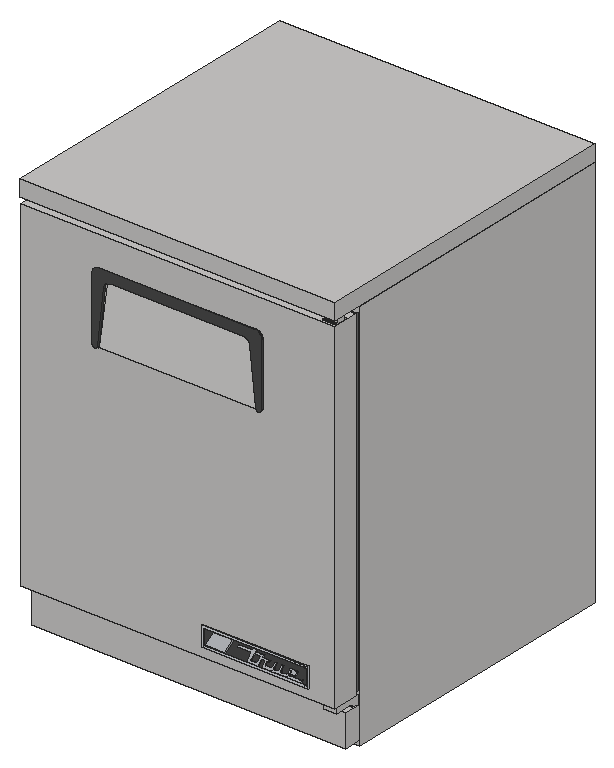
Revit family "QF_TRUE_TUC-24F-HC_cat", category Specialty Equipment, Revit 2016 (continued)
Automatic sketch dimensions
  Split face 68 sketch curve to Extrusion 12 = 0.69365"
  Split face 68 sketch curve to Extrusion 12 = 0.19365"
  Split face 68 sketch curve to Extrusion 12 = 5.25492"
  Split face 68 sketch curve to Split face 68 sketch curve = 1/2"
  Split face 69 sketch curve to Extrusion 12 = 0.19365"
  Split face 69 sketch curve to Extrusion 12 = 0.13121"
  Split face 69 sketch curve to Extrusion 12 = 6.62992"
  Split face 69 sketch curve to Split face 69 sketch curve = 1/2"
  Split face 70 sketch curve to Extrusion 12 = 0.31871"
  Split face 70 sketch curve to Split face 70 sketch curve = 1/2"  (x2)
  Split face 70 sketch curve to Extrusion 12 = 6.62992"
  Split face 71 sketch curve to Extrusion 12 = 1.00621"
  Split face 71 sketch curve to Split face 71 sketch curve = 1/2"  (x2)
  Split face 71 sketch curve to Extrusion 12 = 6.62992"
  Split face 72 sketch curve to Extrusion 12 = 0.69365"
  Split face 72 sketch curve to Extrusion 12 = 0.19365"
  Split face 72 sketch curve to Extrusion 12 = 6.62992"
  Split face 72 sketch curve to Split face 72 sketch curve = 1/2"
  Split face 73 sketch curve to Extrusion 12 = 0.19365"
  Split face 73 sketch curve to Extrusion 12 = 0.13121"
  Split face 73 sketch curve to Extrusion 12 = 8.00492"
  Split face 73 sketch curve to Split face 73 sketch curve = 1/2"
  Split face 74 sketch curve to Extrusion 12 = 0.31871"
  Split face 74 sketch curve to Split face 74 sketch curve = 1/2"  (x2)
  Split face 74 sketch curve to Extrusion 12 = 8.00492"
  Split face 75 sketch curve to Extrusion 12 = 1.00621"
  Split face 75 sketch curve to Split face 75 sketch curve = 1/2"  (x2)
  Split face 75 sketch curve to Extrusion 12 = 8.00492"
  Split face 76 sketch curve to Extrusion 12 = 0.69365"
  Split face 76 sketch curve to Extrusion 12 = 0.19365"
  Split face 76 sketch curve to Extrusion 12 = 8.00492"
  Split face 76 sketch curve to Split face 76 sketch curve = 1/2"
  Split face 77 sketch curve to Extrusion 12 = 0.19365"
  Split face 77 sketch curve to Extrusion 12 = 0.13121"
  Split face 77 sketch curve to Extrusion 12 = 9.37992"
  Split face 77 sketch curve to Split face 77 sketch curve = 1/2"
  Split face 78 sketch curve to Extrusion 12 = 0.31871"
  Split face 78 sketch curve to Split face 78 sketch curve = 1/2"  (x2)
  Split face 78 sketch curve to Extrusion 12 = 9.37992"
  Split face 79 sketch curve to Extrusion 12 = 1.00621"
  Split face 79 sketch curve to Split face 79 sketch curve = 1/2"  (x2)
  Split face 79 sketch curve to Extrusion 12 = 9.37992"
  Split face 80 sketch curve to Extrusion 12 = 0.69365"
  Split face 80 sketch curve to Extrusion 12 = 0.19365"
  Split face 80 sketch curve to Extrusion 12 = 9.37992"
  Split face 80 sketch curve to Split face 80 sketch curve = 1/2"
  Split face 81 sketch curve to Extrusion 12 = 0.19365"
  Split face 81 sketch curve to Extrusion 12 = 0.13121"
  Split face 81 sketch curve to Extrusion 12 = 10.75492"
  Split face 81 sketch curve to Split face 81 sketch curve = 1/2"
  Split face 82 sketch curve to Extrusion 12 = 0.31871"
  Split face 82 sketch curve to Split face 82 sketch curve = 1/2"  (x2)
  Split face 82 sketch curve to Extrusion 12 = 10.75492"
  Split face 83 sketch curve to Extrusion 12 = 1.00621"
  Split face 83 sketch curve to Split face 83 sketch curve = 1/2"  (x2)
  Split face 83 sketch curve to Extrusion 12 = 10.75492"
  Split face 84 sketch curve to Extrusion 12 = 0.69365"
  Split face 84 sketch curve to Extrusion 12 = 0.19365"
  Split face 84 sketch curve to Extrusion 12 = 10.75492"
  Split face 84 sketch curve to Split face 84 sketch curve = 1/2"
  Split face 85 sketch curve to Extrusion 12 = 0.19365"
  Split face 85 sketch curve to Extrusion 12 = 0.13121"
  Split face 85 sketch curve to Extrusion 12 = 9.90981"
  Split face 85 sketch curve to Split face 85 sketch curve = 1/2"
  Split face 86 sketch curve to Extrusion 12 = 0.31871"
  Split face 86 sketch curve to Split face 86 sketch curve = 1/2"  (x2)
  Split face 86 sketch curve to Extrusion 12 = 9.90981"
  Split face 87 sketch curve to Extrusion 12 = 1.00621"
  Split face 87 sketch curve to Split face 87 sketch curve = 1/2"  (x2)
  Split face 87 sketch curve to Extrusion 12 = 9.90981"
  Split face 88 sketch curve to Extrusion 12 = 0.69365"
  Split face 88 sketch curve to Extrusion 12 = 0.19365"
  Split face 88 sketch curve to Extrusion 12 = 9.90981"
  Split face 88 sketch curve to Split face 88 sketch curve = 1/2"
  Split face 89 sketch curve to Extrusion 12 = 0.19365"
  Split face 89 sketch curve to Extrusion 12 = 0.13121"
  Split face 89 sketch curve to Extrusion 12 = 8.53481"
  Split face 89 sketch curve to Split face 89 sketch curve = 1/2"
  Split face 90 sketch curve to Extrusion 12 = 0.31871"
  Split face 90 sketch curve to Split face 90 sketch curve = 1/2"  (x2)
  Split face 90 sketch curve to Extrusion 12 = 8.53481"
  Split face 91 sketch curve to Extrusion 12 = 1.00621"
  Split face 91 sketch curve to Split face 91 sketch curve = 1/2"  (x2)
  Split face 91 sketch curve to Extrusion 12 = 8.53481"
  Split face 92 sketch curve to Extrusion 12 = 0.69365"
  Split face 92 sketch curve to Extrusion 12 = 0.19365"
  Split face 92 sketch curve to Extrusion 12 = 8.53481"
  Split face 92 sketch curve to Split face 92 sketch curve = 1/2"
  Split face 93 sketch curve to Extrusion 12 = 0.19365"
  Split face 93 sketch curve to Extrusion 12 = 0.13121"
  Split face 93 sketch curve to Extrusion 12 = 7.15981"
  Split face 93 sketch curve to Split face 93 sketch curve = 1/2"
  Split face 94 sketch curve to Extrusion 12 = 0.31871"
  Split face 94 sketch curve to Split face 94 sketch curve = 1/2"  (x2)
  Split face 94 sketch curve to Extrusion 12 = 7.15981"
  Split face 95 sketch curve to Extrusion 12 = 1.00621"
  Split face 95 sketch curve to Split face 95 sketch curve = 1/2"  (x2)
  Split face 95 sketch curve to Extrusion 12 = 7.15981"
  Split face 96 sketch curve to Extrusion 12 = 0.69365"
  Split face 96 sketch curve to Extrusion 12 = 0.19365"
  Split face 96 sketch curve to Extrusion 12 = 7.15981"
  Split face 96 sketch curve to Split face 96 sketch curve = 1/2"
  Split face 97 sketch curve to Extrusion 12 = 0.19365"
  Split face 97 sketch curve to Extrusion 12 = 0.13121"
  Split face 97 sketch curve to Extrusion 12 = 5.78481"
  Split face 97 sketch curve to Split face 97 sketch curve = 1/2"
  Split face 98 sketch curve to Extrusion 12 = 0.31871"
  Split face 98 sketch curve to Split face 98 sketch curve = 1/2"  (x2)
  Split face 98 sketch curve to Extrusion 12 = 5.78481"
  Split face 99 sketch curve to Extrusion 12 = 1.00621"
  Split face 99 sketch curve to Split face 99 sketch curve = 1/2"  (x2)
  Split face 99 sketch curve to Extrusion 12 = 5.78481"
  Split face 100 sketch curve to Extrusion 12 = 0.69365"
  Split face 100 sketch curve to Extrusion 12 = 0.19365"
  Split face 100 sketch curve to Extrusion 12 = 5.78481"
  Split face 100 sketch curve to Split face 100 sketch curve = 1/2"
  Split face 101 sketch curve to Extrusion 12 = 0.19365"
  Split face 101 sketch curve to Extrusion 12 = 0.13121"
  Split face 101 sketch curve to Extrusion 12 = 4.40981"
  Split face 101 sketch curve to Split face 101 sketch curve = 1/2"
  Split face 102 sketch curve to Extrusion 12 = 0.31871"
  Split face 102 sketch curve to Split face 102 sketch curve = 1/2"  (x2)
  Split face 102 sketch curve to Extrusion 12 = 4.40981"
  Split face 103 sketch curve to Extrusion 12 = 1.00621"
  Split face 103 sketch curve to Split face 103 sketch curve = 1/2"  (x2)
  Split face 103 sketch curve to Extrusion 12 = 4.40981"
  Split face 104 sketch curve to Extrusion 12 = 0.69365"
  Split face 104 sketch curve to Extrusion 12 = 0.19365"
  Split face 104 sketch curve to Extrusion 12 = 4.40981"
  Split face 104 sketch curve to Split face 104 sketch curve = 1/2"
  Split face 105 sketch curve to Extrusion 12 = 0.19365"
  Split face 105 sketch curve to Extrusion 12 = 0.13121"
  Split face 105 sketch curve to Extrusion 12 = 3.03481"
  Split face 105 sketch curve to Split face 105 sketch curve = 1/2"
  Split face 106 sketch curve to Extrusion 12 = 0.31871"
  Split face 106 sketch curve to Split face 106 sketch curve = 1/2"  (x2)
  Split face 106 sketch curve to Extrusion 12 = 3.03481"
  Split face 107 sketch curve to Extrusion 12 = 1.00621"
  Split face 107 sketch curve to Split face 107 sketch curve = 1/2"  (x2)
  Split face 107 sketch curve to Extrusion 12 = 3.03481"
  Split face 108 sketch curve to Extrusion 12 = 0.69365"
  Split face 108 sketch curve to Extrusion 12 = 0.19365"
  Split face 108 sketch curve to Extrusion 12 = 3.03481"
  Split face 108 sketch curve to Split face 108 sketch curve = 1/2"
  Split face 109 sketch curve to Extrusion 12 = 0.19365"
  Split face 109 sketch curve to Extrusion 12 = 0.13121"
  Split face 109 sketch curve to Extrusion 12 = 1.65981"
  Split face 109 sketch curve to Split face 109 sketch curve = 1/2"
  Split face 110 sketch curve to Extrusion 12 = 0.31871"
  Split face 110 sketch curve to Split face 110 sketch curve = 1/2"  (x2)
  Split face 110 sketch curve to Extrusion 12 = 1.65981"
  Split face 111 sketch curve to Extrusion 12 = 1.00621"
  Split face 111 sketch curve to Split face 111 sketch curve = 1/2"  (x2)
  Split face 111 sketch curve to Extrusion 12 = 1.65981"
  Split face 112 sketch curve to Extrusion 12 = 0.69365"
  Split face 112 sketch curve to Extrusion 12 = 0.19365"
  Split face 112 sketch curve to Extrusion 12 = 1.65981"
  Split face 112 sketch curve to Split face 112 sketch curve = 1/2"
  Revolve 13 sketch curve to plane 10 = 0"
  plane 1 "BACK" to Revolve 13 sketch curve = 0"  (x2)
  plane 1 "BACK" to Revolve 13 sketch curve = 0.45325"
  plane 4 "RIGHT" to Revolve 13 sketch curve = 5.39021"
  Revolve 13 sketch curve to Revolve 13 sketch curve = 0"  (x2)
  Revolve 13 sketch curve to Revolve 13 sketch curve = 0.2111"
  Revolve 13 sketch curve to Revolve 13 sketch curve = 1/4"
  Revolve 14 sketch curve to plane 10 = 0"
  plane 1 "BACK" to Revolve 14 sketch curve = 0"  (x2)
  plane 1 "BACK" to Revolve 14 sketch curve = 0.45325"
  plane 3 "LEFT" to Revolve 14 sketch curve = 5.3902"
  Revolve 14 sketch curve to Revolve 14 sketch curve = 0"  (x2)
  Revolve 14 sketch curve to Revolve 14 sketch curve = 0.2111"
  Revolve 14 sketch curve to Revolve 14 sketch curve = 1/4"
  curve 1 to plane 3 "LEFT" = 0"
  plane 5 "FRONT" to curve 21 = 0"
  curve 9 to plane 10 = 0"
  plane 1 "BACK" to curve 7 = 0"
  plane 1 "BACK" to curve 14 = 0"
  curve 3 to plane 4 "RIGHT" = 0"
  plane 3 "LEFT" to curve 20 = 0.63048"
  plane 3 "LEFT" to curve 17 = 4.17575"
  plane 1 "BACK" to curve 9 = 0.45335"
  plane 3 "LEFT" to curve 9 = 4.89018"
  curve 9 to curve 7 = 0.28904"
  curve 6 to curve 8 = 0"
  curve 8 to curve 7 = 0.422"
  curve 8 to curve 5 = 0.49997"
  plane 1 "BACK" to curve 15 = 0.45325"
  plane 4 "RIGHT" to curve 15 = 5.89021"
  curve 14 to curve 13 = 0.2889"
  curve 14 to curve 12 = 0"
  curve 14 to curve 13 = 0.4222"
  curve 12 to curve 11 = 1/2"
  plane 4 "RIGHT" to curve 18 = 0.03644"
  plane 5 "FRONT" to curve 17 = 10.30952"
  curve 8 to curve 6 = 0.00007"
  plane 1 "BACK" to curve 11 = 0.45325"
  curve 19 to curve 21 = 1.24452"
  curve 9 to curve 10 = 0.00003"
  curve 5 to curve 10 = 0"
  curve 16 to curve 14 = 0"
  curve 11 to curve 16 = 0"  (x2)
  curve 17 to plane 4 "RIGHT" = 0.04099"
  curve 10 to curve 5 = 0.0001"
  curve 4 to plane 11 = 0"
  plane 11 to curve 18 = 1.49895"
  plane 11 to Extrusion 1 sketch curve = 2 3/8"
  plane 11 to Revolve 6 sketch curve = 2.66298"
  plane 11 to Revolve 7 sketch curve = 2.66298"
  Extrusion 8 sketch curve to plane 11 = 0"
  plane 11 to Extrusion 11 sketch curve = 0.249"
  plane 11 to Extrusion 11 sketch curve = 13/32"
  Extrusion 1 sketch curve to plane 11 = 0"
  Extrusion 1 sketch curve to plane 6 "TOP" = 2.3085"
  Extrusion 1 sketch curve to plane 6 "TOP" = 1.08975"
  curve 17 to plane 11 = 0"
  plane 12 to Extrusion 1 sketch curve = 0"
  Extrusion 9 sketch curve to Extrusion 1 = 2.04763"
  Extrusion 1 to Extrusion 15 sketch curve = 3/16"  (x2)
  Extrusion 1 to Extrusion 15 sketch curve = 0.49225"
  Extrusion 1 to Extrusion 15 sketch curve = 2.74225"
  Extrusion 1 to Extrusion 15 sketch curve = 2 7/16"  (x2)
  Extrusion 15 sketch curve to Extrusion 1 = 5.941"
  Extrusion 15 sketch curve to Extrusion 15 sketch curve = 2 1/4"
  Extrusion 17 sketch curve to Extrusion 10 = 5.46583"
  Extrusion 17 sketch curve to Extrusion 17 sketch curve = 0.24342"  (x2)
  Extrusion 17 sketch curve to Extrusion 17 sketch curve = 0.23868"  (x2)
  Extrusion 17 sketch curve to Extrusion 17 sketch curve = 1/2"
  Extrusion 17 sketch curve to Extrusion 17 sketch curve = 0.42112"  (x2)
  Extrusion 17 sketch curve to Extrusion 17 sketch curve = 0.49726"  (x2)
  Extrusion 17 sketch curve to Extrusion 10 = 6.88421"
  Extrusion 17 sketch curve to Extrusion 10 = 3.42408"
  Extrusion 17 sketch curve to Extrusion 17 sketch curve = 0.43901"
  Extrusion 17 sketch curve to Extrusion 17 sketch curve = 0.05226"  (x2)
  Extrusion 17 sketch curve to Extrusion 17 sketch curve = 4.01437"
  Extrusion 17 sketch curve to Extrusion 17 sketch curve = 4.06664"
  Extrusion 17 sketch curve to Extrusion 17 sketch curve = 0.70283"
  Extrusion 16 sketch curve to plane 14 = 0"
  Extrusion 16 sketch curve to plane 11 = 0"
  Extrusion 16 sketch curve to plane 15 = 0"
  Extrusion 16 sketch curve to Extrusion 16 sketch curve = 1.069"
  radius of Extrusion 9 sketch curve = 1/2"
Nested families (in)
  nested 1: "QF_LOGO_TRUE" at (13.9375, -25.75, 4.59725), Show Logo <- "Show Logo", type "QF_LOGO_TRUE", detail levels medium+fine
    with Show Logo yes
Connectors (in)
  electrical at (21.01061, -0.9375, 2.32888), driven by "Volts", driven by "Watts"
    settings: on Extrusion 9, index 1, voltage 115 V, apparent load 230 VA, apparent load phase1 0 VA, apparent load phase2 0 VA, apparent load phase3 0 VA, power factor 1, load classification "Other", number of poles 1, system type 30, power factor state 1, is connector primary yes, connector utility no, sub classification motor no, connector description "ELECTRICAL CONNECTION"
Definition of nested family "QF_LOGO_TRUE"
  Parameters (values of type "QF_LOGO_TRUE")
    Show Logo [instance] = yes
  Reference planes (in)
    plane 1 "Center (Front/Back)": y = 0
    plane 2: z = 0
    plane 3 "Center (Left/Right)": x = 0
  Forms (in)
    Extrusion 1, solid, visible <- "Show Logo"
      sketch origin (-78.34647, 34.76905, -30.51001) x (1, 0, 0) y (0, 0, 1)
        loop
          line (81.15226, 31.65456) -> (81.07353, 31.48573) -> (82.12083, 31.48573)
          arc (82.12083, 31.48573) -> (82.14208, 31.44814) -> (82.12083, 31.41055) r 0.04386
          line (82.12083, 31.41055) -> (81.84767, 30.82478)
          arc (81.84767, 30.82478) -> (81.84531, 30.77052) -> (81.882, 30.73048) r 0.07096
          line (81.882, 30.73048) -> (82.55165, 30.73048)
          arc (82.55165, 30.73048) -> (82.63621, 30.75714) -> (82.69019, 30.82748) r 0.14742
          line (82.69019, 30.82748) -> (82.90515, 31.28847) -> (83.10265, 31.28847)
          arc (83.10265, 31.28847) -> (83.15447, 31.26942) -> (83.14697, 31.21472) r 0.04405
          line (83.14697, 31.21472) -> (82.9671, 30.82899)
          arc (82.9671, 30.82899) -> (82.9699, 30.76493) -> (83.02398, 30.73048) r 0.06943
          line (83.02398, 30.73048) -> (83.6124, 30.73048)
          arc (83.6124, 30.73048) -> (83.65748, 30.74689) -> (83.68147, 30.78844) r 0.07014
          arc (83.68147, 30.78844) -> (83.69845, 30.74745) -> (83.73943, 30.73048) r 0.05796
          line (83.73943, 30.73048) -> (84.112, 30.73048)
          arc (84.112, 30.73048) -> (84.15504, 30.74201) -> (84.18655, 30.77352) r 0.08608
          arc (84.18655, 30.77352) -> (84.20164, 30.7371) -> (84.23806, 30.72202) r 0.0515
          line (84.23806, 30.72202) -> (84.76757, 30.72202)
          arc (84.76757, 30.72202) -> (84.81086, 30.73995) -> (84.8288, 30.78324) r 0.06122
          arc (84.8288, 30.78324) -> (84.86848, 30.74355) -> (84.92269, 30.72903) r 0.10842
          line (84.92269, 30.72903) -> (85.91461, 30.72903) -> (86.02479, 30.91987) -> (85.0243, 30.91987)
          arc (85.0243, 30.91987) -> (84.99669, 30.93902) -> (84.99566, 30.97261) r 0.03732
          line (84.99566, 30.97261) -> (85.01297, 31.00972)
          arc (85.01297, 31.00972) -> (85.03954, 31.04453) -> (85.0813, 31.05774) r 0.07263
          line (85.0813, 31.05774) -> (85.40289, 31.05774)
          arc (85.40289, 31.05774) -> (85.4723, 31.07633) -> (85.52311, 31.12715) r 0.13882
          line (85.52311, 31.12715) -> (85.61625, 31.28847)
          arc (85.61625, 31.28847) -> (85.61625, 31.37458) -> (85.54168, 31.41763) r 0.08611
          line (85.54168, 31.41763) -> (85.20227, 31.41763)
          arc (85.20227, 31.41763) -> (85.11574, 31.40294) -> (85.05538, 31.33923) r 0.13863
          line (85.05538, 31.33923) -> (84.89409, 30.99333)
          arc (84.89409, 30.99333) -> (84.84649, 30.9313) -> (84.77191, 30.90778) r 0.13002
          line (84.77191, 30.90778) -> (84.41984, 30.90778)
          arc (84.41984, 30.90778) -> (84.3777, 30.95378) -> (84.38042, 31.0161) r 0.08151
          line (84.38042, 31.0161) -> (84.56766, 31.41763) -> (84.44849, 31.41763) -> (84.25012, 30.99222)
          arc (84.25012, 30.99222) -> (84.21158, 30.94199) -> (84.15119, 30.92296) r 0.10527
          line (84.15119, 30.92296) -> (83.90842, 30.92296)
          arc (83.90842, 30.92296) -> (83.8674, 30.97642) -> (83.87619, 31.04323) r 0.08805
          line (83.87619, 31.04323) -> (84.05078, 31.41763) -> (83.92772, 31.41763) -> (83.72676, 30.98668)
          arc (83.72676, 30.98668) -> (83.68011, 30.94003) -> (83.61639, 30.92296) r 0.12745
          line (83.61639, 30.92296) -> (83.26484, 30.92296)
          arc (83.26484, 30.92296) -> (83.2017, 30.9524) -> (83.19563, 31.0218) r 0.06967
          line (83.19563, 31.0218) -> (83.31118, 31.26961) -> (83.47452, 31.26961)
          arc (83.47452, 31.26961) -> (83.50209, 31.35268) -> (83.56075, 31.41763) r 0.21289
          line (83.56075, 31.41763) -> (82.92244, 31.41763)
          arc (82.92244, 31.41763) -> (82.85151, 31.40191) -> (82.80242, 31.34834) r 0.12081
          line (82.80242, 31.34834) -> (82.6294, 30.9773)
          arc (82.6294, 30.9773) -> (82.58962, 30.93752) -> (82.53528, 30.92296) r 0.10869
          line (82.53528, 30.92296) -> (82.1542, 30.92296)
          arc (82.1542, 30.92296) -> (82.12446, 30.96315) -> (82.13012, 31.01283) r 0.06822
          line (82.13012, 31.01283) -> (82.38156, 31.48573) -> (83.01596, 31.48573) -> (83.09469, 31.65456) -> (82.46029, 31.65456) -> (82.53902, 31.8234) -> (82.31334, 31.8234) -> (82.23461, 31.65456) -> (81.15226, 31.65456)
        loop
          arc (85.15937, 31.26434) -> (85.13191, 31.25698) -> (85.1118, 31.23688) r 0.05494
          line (85.1118, 31.23688) -> (85.09547, 31.18665)
          arc (85.09547, 31.18665) -> (85.10304, 31.16837) -> (85.12133, 31.16079) r 0.02586
          line (85.12133, 31.16079) -> (85.39889, 31.16079)
          arc (85.39889, 31.16079) -> (85.41888, 31.16523) -> (85.43513, 31.1777) r 0.04731
          line (85.43513, 31.1777) -> (85.44863, 31.2402)
          arc (85.44863, 31.2402) -> (85.44466, 31.25693) -> (85.42914, 31.26434) r 0.01994
          line (85.42914, 31.26434) -> (85.15937, 31.26434)
        loop
          line (78.62961, 30.74125) -> (80.12032, 30.74125) -> (80.73891, 31.81268) -> (79.2482, 31.81268) -> (78.62961, 30.74125)
      from 34.76797 to 34.83173
    Extrusion 2, solid, visible <- "Show Logo"
      sketch origin (-142.84857, 34.75108, -33.3546) x (1, 0, 0) y (0, 0, 1)
        loop
          line (150.81107, 34.71978) -> (142.98607, 34.71978) -> (142.98607, 33.4921) -> (150.81107, 33.4921) -> (150.81107, 34.71978)
      from 34.75108 to 34.78125
    Extrusion 3, solid, visible <- "Show Logo"
      sketch origin (-142.84857, 34.75108, -33.3546) x (1, 0, 0) y (0, 0, 1)
        loop
          line (150.94857, 34.85727) -> (142.84857, 34.85727) -> (142.84857, 33.3546) -> (150.94857, 33.3546) -> (150.94857, 34.85727)
        loop
          line (142.98607, 34.71978) -> (142.98607, 33.4921) -> (150.81107, 33.4921) -> (150.81107, 34.71978) -> (142.98607, 34.71978)
      from 34.75108 to 34.81376
    Extrusion 4, solid, not visible
      sketch origin (121.45701, -16.5, 4.98235) x (1, 0, 0) y (0, 0, 1)
        loop
          line (25.20115, 35.89949) -> (25.20115, 33.96647) -> (30.95381, 33.96647) -> (30.95381, 35.89949) -> (25.20115, 35.89949)
      from 31.5 to 31.54261
    Extrusion 5, solid, not visible
      sketch origin (121.45701, -16.5, 4.98235) x (1, 0, 0) y (0, 0, 1)
        loop
          line (26.7387, 34.95472) -> (26.61492, 34.49276) -> (27.038, 34.49276)
          arc (27.038, 34.49276) -> (27.13117, 34.52484) -> (27.18485, 34.60749) r 0.15134
          arc (27.18485, 34.60749) -> (27.20396, 34.68138) -> (27.22435, 34.75493) r 4.37326
          arc (27.22435, 34.75493) -> (27.23458, 34.81765) -> (27.22435, 34.88037) r 0.1974
          arc (27.22435, 34.88037) -> (27.18247, 34.93579) -> (27.11563, 34.95472) r 0.10914
          line (27.11563, 34.95472) -> (26.7387, 34.95472)
        loop
          line (26.90201, 34.80638) -> (26.84645, 34.59903) -> (26.92855, 34.59903)
          arc (26.92855, 34.59903) -> (26.98205, 34.6185) -> (27.01051, 34.6678) r 0.08322
          line (27.01051, 34.6678) -> (27.02399, 34.74424)
          arc (27.02399, 34.74424) -> (27.01491, 34.78454) -> (26.97985, 34.80638) r 0.05353
          line (26.97985, 34.80638) -> (26.90201, 34.80638)
        loop
          line (27.45336, 34.66131) -> (27.76233, 34.66131) -> (27.78859, 34.73909)
          arc (27.78859, 34.73909) -> (27.7878, 34.82039) -> (27.73107, 34.87864) r 0.10925
          arc (27.73107, 34.87864) -> (27.68233, 34.8944) -> (27.63139, 34.89974) r 0.24595
          line (27.63139, 34.89974) -> (27.46708, 34.89974)
          arc (27.46708, 34.89974) -> (27.4068, 34.88073) -> (27.3535, 34.84677) r 0.2421
          arc (27.3535, 34.84677) -> (27.2897, 34.76363) -> (27.26702, 34.66131) r 0.2421
          line (27.26702, 34.66131) -> (27.26702, 34.54477)
          arc (27.26702, 34.54477) -> (27.31618, 34.4956) -> (27.38334, 34.47761) r 0.13431
          line (27.38334, 34.47761) -> (27.59054, 34.47761)
          arc (27.59054, 34.47761) -> (27.63459, 34.48281) -> (27.67622, 34.49812) r 0.18924
          line (27.67622, 34.49812) -> (27.73102, 34.61563)
          arc (27.73102, 34.61563) -> (27.68453, 34.59565) -> (27.63566, 34.58252) r 0.35376
          arc (27.63566, 34.58252) -> (27.55885, 34.56956) -> (27.48204, 34.58252) r 0.23415
          arc (27.48204, 34.58252) -> (27.44492, 34.61362) -> (27.45336, 34.66131) r 0.04838
        loop
          line (27.4842, 34.73042) -> (27.62012, 34.73042) -> (27.62621, 34.76496)
          arc (27.62621, 34.76496) -> (27.58961, 34.80242) -> (27.53739, 34.80638) r 0.0742
          arc (27.53739, 34.80638) -> (27.49747, 34.77773) -> (27.4842, 34.73042) r 0.0742
        loop
          line (27.91616, 34.97572) -> (27.78675, 34.49276) -> (27.98645, 34.49276) -> (28.11586, 34.97572) -> (27.91616, 34.97572)
        loop
          line (28.13678, 34.66131) -> (28.08755, 34.47761) -> (28.27134, 34.47761) -> (28.32056, 34.66131) -> (28.43674, 34.66131) -> (28.47974, 34.78864) -> (28.36519, 34.78864)
          arc (28.36519, 34.78864) -> (28.35733, 34.81649) -> (28.36921, 34.84288) r 0.04231
          arc (28.36921, 34.84288) -> (28.431, 34.8652) -> (28.49617, 34.85686) r 0.13988
          line (28.49617, 34.85686) -> (28.53544, 34.97317)
          arc (28.53544, 34.97317) -> (28.39725, 34.99096) -> (28.25905, 34.97317) r 0.54546
          arc (28.25905, 34.97317) -> (28.20849, 34.91994) -> (28.18197, 34.85147) r 0.1894
          line (28.18197, 34.85147) -> (28.17089, 34.78864) -> (28.11397, 34.78864) -> (28.07985, 34.66131) -> (28.13678, 34.66131)
        loop
          arc (28.74846, 34.89756) -> (28.65884, 34.88533) -> (28.56922, 34.89756) r 0.33455
          line (28.56922, 34.89756) -> (28.45669, 34.47761) -> (28.63593, 34.47761) -> (28.74846, 34.89756)
        loop
          arc (28.60398, 35.01195) -> (28.57699, 34.97173) -> (28.60398, 34.9315) r 0.04347
          line (28.60398, 34.9315) -> (28.75755, 34.9315)
          arc (28.75755, 34.9315) -> (28.78645, 34.96687) -> (28.77911, 35.01195) r 0.0556
          line (28.77911, 35.01195) -> (28.60398, 35.01195)
        loop
          line (28.95336, 34.66131) -> (29.26233, 34.66131) -> (29.28859, 34.73909)
          arc (29.28859, 34.73909) -> (29.2878, 34.82039) -> (29.23107, 34.87864) r 0.10925
          arc (29.23107, 34.87864) -> (29.18233, 34.8944) -> (29.13139, 34.89974) r 0.24595
          line (29.13139, 34.89974) -> (28.96708, 34.89974)
          arc (28.96708, 34.89974) -> (28.9068, 34.88073) -> (28.8535, 34.84677) r 0.2421
          arc (28.8535, 34.84677) -> (28.7897, 34.76363) -> (28.76702, 34.66131) r 0.2421
          line (28.76702, 34.66131) -> (28.76702, 34.54477)
          arc (28.76702, 34.54477) -> (28.81618, 34.4956) -> (28.88334, 34.47761) r 0.13431
          line (28.88334, 34.47761) -> (29.09054, 34.47761)
          arc (29.09054, 34.47761) -> (29.13459, 34.48281) -> (29.17622, 34.49812) r 0.18924
          line (29.17622, 34.49812) -> (29.23102, 34.61563)
          arc (29.23102, 34.61563) -> (29.18453, 34.59565) -> (29.13566, 34.58252) r 0.35376
          arc (29.13566, 34.58252) -> (29.05885, 34.56956) -> (28.98204, 34.58252) r 0.23415
          arc (28.98204, 34.58252) -> (28.94492, 34.61362) -> (28.95336, 34.66131) r 0.04838
        loop
          line (28.9842, 34.73042) -> (29.12012, 34.73042) -> (29.12621, 34.76496)
          arc (29.12621, 34.76496) -> (29.08961, 34.80242) -> (29.03739, 34.80638) r 0.0742
          arc (29.03739, 34.80638) -> (28.99747, 34.77773) -> (28.9842, 34.73042) r 0.0742
        loop
          line (29.41616, 34.97572) -> (29.28675, 34.49276) -> (29.48645, 34.49276) -> (29.61586, 34.97572) -> (29.41616, 34.97572)
        loop
          line (29.99836, 34.97572) -> (29.95192, 34.80242)
          arc (29.95192, 34.80242) -> (29.94473, 34.85705) -> (29.90102, 34.89059) r 0.07199
          arc (29.90102, 34.89059) -> (29.80023, 34.89941) -> (29.70251, 34.87322) r 0.29131
          arc (29.70251, 34.87322) -> (29.61806, 34.7652) -> (29.5896, 34.63108) r 0.30433
          line (29.5896, 34.63108) -> (29.5896, 34.55572)
          arc (29.5896, 34.55572) -> (29.61075, 34.50463) -> (29.66184, 34.48348) r 0.07224
          line (29.66184, 34.48348) -> (29.78537, 34.48348)
          arc (29.78537, 34.48348) -> (29.83854, 34.51313) -> (29.88504, 34.55243) r 0.31609
          line (29.88504, 34.55243) -> (29.86905, 34.49276) -> (30.05973, 34.49276) -> (30.18914, 34.97572) -> (29.99836, 34.97572)
        loop
          arc (29.84537, 34.75931) -> (29.79424, 34.71128) -> (29.77745, 34.64317) r 0.12371
          arc (29.77745, 34.64317) -> (29.80071, 34.59901) -> (29.85056, 34.59647) r 0.05045
          arc (29.85056, 34.59647) -> (29.90141, 34.64047) -> (29.92536, 34.7033) r 0.13769
          arc (29.92536, 34.7033) -> (29.90211, 34.75521) -> (29.84537, 34.75931) r 0.05543
        loop
          line (26.45047, 35.26762) -> (26.58211, 35.26762)
          arc (26.58211, 35.26762) -> (26.60467, 35.30821) -> (26.62126, 35.35157) r 0.3277
          arc (26.62126, 35.35157) -> (26.62714, 35.39992) -> (26.60877, 35.44503) r 0.09693
          arc (26.60877, 35.44503) -> (26.56454, 35.48868) -> (26.50462, 35.50516) r 0.12312
          arc (26.50462, 35.50516) -> (26.44158, 35.50565) -> (26.37854, 35.50546) r 5.76967
          arc (26.37854, 35.50546) -> (26.07462, 35.42923) -> (25.81045, 35.26076) r 0.97743
          line (25.81045, 35.26076) -> (25.85921, 35.26076)
          arc (25.85921, 35.26076) -> (26.08494, 35.39361) -> (26.3396, 35.45485) r 0.88817
          arc (26.3396, 35.45485) -> (26.41429, 35.44188) -> (26.47267, 35.39352) r 0.14748
          arc (26.47267, 35.39352) -> (26.48041, 35.32725) -> (26.45047, 35.26762) r 0.11636
        loop
          arc (26.35412, 35.17841) -> (26.19578, 35.0555) -> (26.00982, 34.98069) r 0.72453
          arc (26.00982, 34.98069) -> (25.9036, 34.95581) -> (25.79459, 34.9604) r 0.40201
          arc (25.79459, 34.9604) -> (25.7275, 34.98819) -> (25.69972, 35.05528) r 0.09488
          arc (25.69972, 35.05528) -> (25.71867, 35.12629) -> (25.77049, 35.17841) r 0.1425
          line (25.77049, 35.17841) -> (25.73665, 35.18748)
          arc (25.73665, 35.18748) -> (25.67632, 35.09876) -> (25.66924, 34.99171) r 0.20432
          arc (25.66924, 34.99171) -> (25.71443, 34.9227) -> (25.79473, 34.90384) r 0.11116
          arc (25.79473, 34.90384) -> (25.91172, 34.89904) -> (26.02716, 34.91862) r 0.56145
          arc (26.02716, 34.91862) -> (26.27675, 35.021) -> (26.49584, 35.17841) r 1.15683
          line (26.49584, 35.17841) -> (26.35412, 35.17841)
      from 31.54261 to 31.56272
  Dimensions and locks (in)
    aligned and locked: level to plane 2
    aligned and locked: Extrusion 2 to Extrusion 3  (x2)
    aligned and locked: Extrusion 2 sketch curve to Extrusion 3
